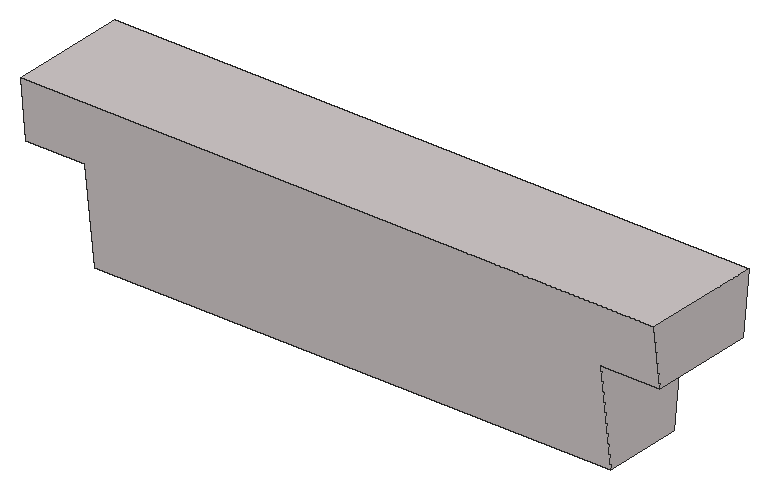
Revit family "M_Viga em cone pré-moldada com corte na extremidade", category Quadro estrutural, Revit 2019
Family settings
  Exibir em vistas ocultas = Arestas ocultadas por outros membros
  Arredondamento do comprimento do framing estrutural = 0.0 mm
  Forma do corte = Não definido
  Material para o comportamento do modelo = Concreto pré-moldado
  Exportar sempre como geometria = Não
  Número OmniClass = 23.25.30.11.14.14
  Título OmniClass = Beams
  ID de item do Seek = Precast-Cone Shaped Beam with Cut End-0000-CAN-ENU
  Sempre na vertical = Sim
  Corte com vazios quando carregada = Não
  Representação simbólica = Da família
  Compartilhado = Não
  Exibir o pré-corte da família na vista da planta = Sim
Parameters (values of type "200-300x400-Corte dos dois lados")
  Largura superior = 300.0 mm
  Peso da vara de tirante [instance] = 30
  Vara de tirante W [instance] = (Peso da vara de tirante) * 9.80 kN / 1000  # 0.294 kN
  Structural Material [instance] = Concreto - Moldado in loco - 35 MPa
  Peso do vergalhão simples [instance] = 50
  Vergalhão em W simples [instance] = (Peso do vergalhão simples * 9.80 kN) / 1000  # 0.49 kN
  Peso das grades de vergalhão [instance] = 100
  Grades de vergalhão W [instance] = (Peso das grades de vergalhão * 9.80 kN) / 1000  # 0.98 kN
  Profundidade do corte [instance] = 250.0 mm
  Extensão 2 [instance] = 150.0 mm
  Extensão 1 [instance] = 150.0 mm
  Linear = 400.0 mm
  Largura inferior = 200.0 mm
  Assembly Code = ""
  Length [instance] = 1500.0 mm
Types (3, lengths in mm): name | Largura inferior
  (no name) | 200.0
  200-300x400-Corte dos dois lados | 200.0
  200-300x400-Corte em um lado | 160.0
Reference planes
  plane 1 "Centro (Frente/Trás)": y = 0
  plane 2: z = 0
  plane 3 "Centro (Esquerda/Direita)": x = 0
  plane 4 "Membro esquerdo": x = -654.019
  plane 5 "Membro direito": x = 654.019
  plane 6 "Esquerda": x = -754.019
  plane 7 "Direita": x = 745.981
  plane 8: z = 50
  plane 9: z = 200
  plane 10: x = -804.019
  plane 11: y = -150
  plane 12: y = 150
  plane 13: x = 804.019
  plane 14: z = -200
  plane 15: y = 100
  plane 16: y = -100
Forms (mm)
  Sweep 1, solid, material "Concreto - Moldado in loco - 35 MPa" <- "Structural Material"
    path origin (0, 374, 0) x (1, 0, 0) y (0, 1, 0)
      loop
        line (-804.019, -374) -> (804.019, -374)
    profile origin (0, 0, 0) x (0, 1, 0) y (0, 0, 1)
      loop
        line (-100, -200) -> (100, -200) -> (150, 200) -> (-150, 200) -> (-100, -200)
  Extrusion 2, void
    sketch origin (0, 0, 0) x (1, 0, 0) y (0, 0, 1)
      loop
        line (-804.019, 50) -> (-804.019, -200) -> (-654.019, -200) -> (-654.019, 50) -> (-804.019, 50)
      loop
        line (809.019, -200) -> (809.019, 50) -> (654.019, 50) -> (654.019, -200) -> (809.019, -200)
    from -150 to 150
Cuts and joins
  Extrusion 2 cuts Sweep 1
Dimensions and locks
  "Length": plane 6 "Esquerda" to plane 7 "Direita"
  locked: level to plane 2 at 0
  equal spacing: plane 12, plane 1 "Centro (Frente/Trás)", plane 11
  "Largura superior": plane 12 to plane 11
  equal spacing: plane 9, plane 2, plane 14
  "Linear": plane 9 to plane 14
  "Profundidade do corte": plane 8 to plane 14
  equal spacing: plane 15, plane 1 "Centro (Frente/Trás)", plane 16
  "Largura inferior": plane 15 to plane 16
  locked: Extrusion 2 sketch curve to plane 13 at 5
  "Extensão 1": plane 10 to plane 4 "Membro esquerdo"
  "Extensão 2": plane 5 "Membro direito" to plane 13
  aligned and locked: plane 10 to Sweep 1 sketch curve
  aligned and locked: plane 1 "Centro (Frente/Trás)" to Sweep 1 sketch curve
  aligned and locked: plane 13 to Sweep 1 sketch curve
  aligned and locked: Sweep 1 sketch curve to plane 9
  aligned and locked: plane 14 to Sweep 1 sketch curve
  aligned and locked: plane 12 to Sweep 1 sketch curve
  aligned and locked: plane 11 to Sweep 1 sketch curve
  aligned and locked: plane 15 to Sweep 1 sketch curve
  aligned and locked: plane 16 to Sweep 1 sketch curve
  aligned and locked: plane 10 to Extrusion 2 sketch curve
  aligned and locked: Extrusion 2 sketch curve to plane 8
  aligned and locked: plane 14 to Extrusion 2 sketch curve
  aligned and locked: Extrusion 2 sketch curve to Sweep 1
  aligned and locked: plane 8 to Extrusion 2 sketch curve
  aligned and locked: Extrusion 2 to plane 12
  aligned and locked: plane 11 to Extrusion 2
  aligned and locked: Extrusion 2 to plane 4 "Membro esquerdo"
  aligned and locked: plane 5 "Membro direito" to Extrusion 2
Automatic sketch dimensions
  plane 4 "Membro esquerdo" to Extrusion 2 sketch curve = 0.0 mm
  plane 5 "Membro direito" to Extrusion 2 sketch curve = 0.0 mm
